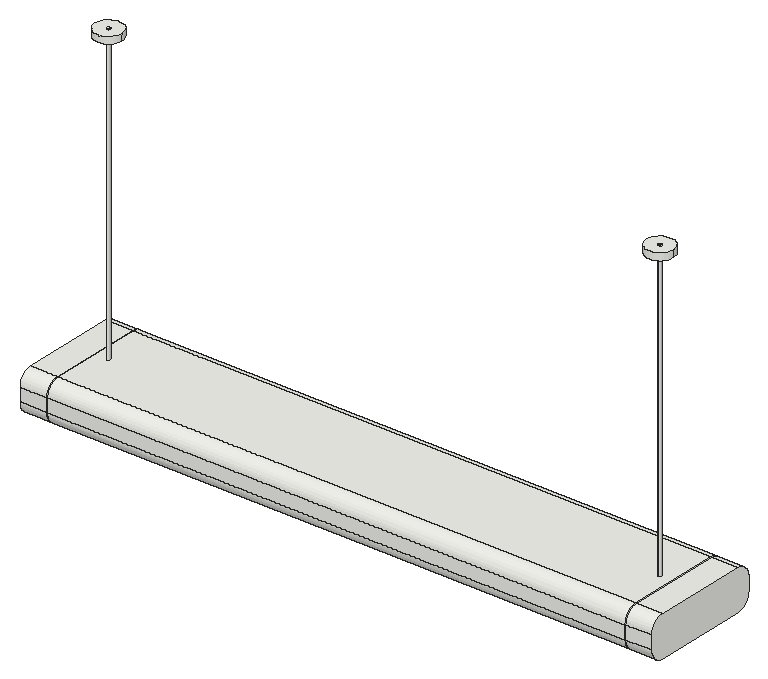
Revit family
Parameters (values of type "1200mm")
  Wattage = 16.1571 W
  built-in parameter 1150110 = 1 (stored number, unit not read)
  built-in parameter 1114217 = 1 (stored number, unit not read)
  built-in parameter 1150109 = 1 (stored number, unit not read)
  built-in parameter 1150134 = 3
  built-in parameter 1150113 = 1 (stored number, unit not read)
  built-in parameter 1150105 = 190.99 (stored number, unit not read)
  built-in parameter 1150115 = 1 (stored number, unit not read)
  Light Source Symbol Size = 609.6 mm
  built-in parameter 1150137 = (empty or 0)
  built-in parameter 1150139 = (empty or 0)
  built-in parameter 1150112 = 1 (stored number, unit not read)
  built-in parameter 1150114 = 1 (stored number, unit not read)
  Keynote = "V"
  Material Ceiling Mount = Metal - Paint Finish - Ivory, Glossy
  Material Diffuser = Glass - White, High Luminance
  Length = 1200 mm
  Material Light Casing = Metal - Paint Finish - Ivory, Glossy
  Light Fixture Height = 1800 mm
  Lumens = 2400 lm
  built-in parameter 1150132 = 2
  built-in parameter 1150102 = (empty or 0)
  built-in parameter 1150107 = 3200 (stored number, unit not read)
  built-in parameter 1150138 = (empty or 0)
  built-in parameter 1150106 = 1.9099 (stored number, unit not read)
  Emit from Line Length = 1047.6 mm
  built-in parameter 1150104 = 13.8 (stored number, unit not read)
  Dimming Lamp Color Temperature Shift = (empty or 0)
  Color Filter = 16777215
  built-in parameter 1114218 = 1 (stored number, unit not read)
  built-in parameter 1150133 = 10 (stored number, unit not read)
Types (3, lengths in mm): name | Length
  (no name) | 1200
  1200mm | 1200
  2400mm | 2400
Reference planes
  plane 1 "Light Source Axis": y = 0
  plane 2 "Ceiling": z = 2438.4
  plane 3 "Light Source Axis": x = 0
  plane 4 "Light Source Elevation": z = 1812.7
  plane 5: x = -600
  plane 6: x = 600
  plane 7: x = -523.8
  plane 8: x = 523.8
  plane 9: x = -523.888
  plane 10: x = 523.8
  plane 11: z = 2425.7
  plane 12: z = 1800
Forms (mm)
  Sweep 1, solid, material "Metal - Paint Finish - Ivory, Glossy" <- "Material Light Casing"
    path origin (0, 0, 1812.7) x (0, -1, 0) y (1, 0, 0)
      loop
        line (0, -549.2) -> (0, 549.2)
    profile origin (0, 0, 1812.7) x (0, 1, 0) y (0, 0, 1)
      loop
        line (88.9, 63.5) -> (-88.9, 63.5)
        arc (-88.9, 63.5) -> (-106.861, 56.061) -> (-114.3, 38.1) r 25.4
        line (-114.3, 38.1) -> (-114.3, 12.7)
        arc (-114.3, 12.7) -> (-106.861, -5.261) -> (-88.9, -12.7) r 25.4
        line (-88.9, -12.7) -> (-63.5, -12.7) -> (-63.5, 12.7) -> (63.5, 12.7) -> (63.5, -12.7) -> (88.9, -12.7)
        arc (88.9, -12.7) -> (106.861, -5.261) -> (114.3, 12.7) r 25.4
        line (114.3, 12.7) -> (114.3, 38.1)
        arc (114.3, 38.1) -> (106.861, 56.061) -> (88.9, 63.5) r 25.4
  Extrusion 2, solid, material "Metal - Paint Finish - Ivory, Glossy" <- "Material Ceiling Mount"
    sketch origin (0, 0, 1812.7) x (0, -1, 0) y (1, 0, 0)
      loop
        circle (0, -523.8) r 3.175
      loop
        circle (0, 523.8) r 3.175
    from 63.5 to 625.7
  Extrusion 3, solid, material "Metal - Paint Finish - Ivory, Glossy" <- "Material Ceiling Mount"
    sketch origin (0, 0, 0) x (1, 0, 0) y (0, 1, 0)
      loop
        circle (-523.888, 0) r 25.4
      loop
        circle (523.8, 0) r 25.4
    from 2425.7 to 2438.4
  Extrusion 4, solid, material "Glass - White, High Luminance" <- "Material Diffuser"
    sketch origin (0, 0, 0) x (1, 0, 0) y (0, 1, 0)
      loop
        line (-549.2, 63.5) -> (-549.2, -63.5) -> (549.2, -63.5) -> (549.2, 63.5) -> (-549.2, 63.5)
    from 1800 to 1812.7
  Extrusion 5, solid, material "Metal - Paint Finish - Ivory, Glossy" <- "Material Light Casing"
    sketch origin (-549.2, 0, 1690.721) x (0, 0, 1) y (0, 1, 0)
      loop
        arc (185.479, 88.9) -> (178.039, 106.861) -> (160.079, 114.3) r 25.4
        line (160.079, 114.3) -> (134.679, 114.3)
        arc (134.679, 114.3) -> (116.718, 106.861) -> (109.279, 88.9) r 25.4
        line (109.279, 88.9) -> (109.279, -88.9)
        arc (109.279, -88.9) -> (116.718, -106.861) -> (134.679, -114.3) r 25.4
        line (134.679, -114.3) -> (160.079, -114.3)
        arc (160.079, -114.3) -> (178.039, -106.861) -> (185.479, -88.9) r 25.4
        line (185.479, -88.9) -> (185.479, 88.9)
    from 0 to 50.8
  Extrusion 6, solid, material "Metal - Paint Finish - Ivory, Glossy" <- "Material Light Casing"
    sketch origin (549.2, 0, 1690.721) x (0, 1, 0) y (0, 0, 1)
      loop
        arc (-88.9, 185.479) -> (-106.861, 178.039) -> (-114.3, 160.079) r 25.4
        line (-114.3, 160.079) -> (-114.3, 134.679)
        arc (-114.3, 134.679) -> (-106.861, 116.718) -> (-88.9, 109.279) r 25.4
        line (-88.9, 109.279) -> (88.9, 109.279)
        arc (88.9, 109.279) -> (106.861, 116.718) -> (114.3, 134.679) r 25.4
        line (114.3, 134.679) -> (114.3, 160.079)
        arc (114.3, 160.079) -> (106.861, 178.039) -> (88.9, 185.479) r 25.4
        line (88.9, 185.479) -> (-88.9, 185.479)
    from 0 to 50.8
Lines and regions (mm)
  sketch lines
    curve 1: line (-1524, 1524, 0) -> (1524, 1524, 0)
    curve 2: line (-1524, 1524, 0) -> (-1524, -1524, 0)
    curve 3: line (-1524, -1524, 0) -> (1524, -1524, 0)
    curve 4: line (1524, 1524, 0) -> (1524, -1524, 0)
  symbolic lines
    curve 5: line (600, 114.3, 2438.4) -> (-600, 114.3, 2438.4)
    curve 6: line (600, -114.3, 2438.4) -> (600, 114.3, 2438.4)
    curve 7: line (-600, -114.3, 2438.4) -> (600, -114.3, 2438.4)
    curve 8: line (-600, 114.3, 2438.4) -> (-600, -114.3, 2438.4)
    curve 9: arc (-498.488, 0, 2438.4) -> (-523.888, 25.4, 2438.4) -> (-549.288, 0, 2438.4) r 25.4
    curve 10: arc (-549.288, 0, 2438.4) -> (-523.888, -25.4, 2438.4) -> (-498.488, 0, 2438.4) r 25.4
    curve 11: arc (498.4, 0, 2438.4) -> (523.8, -25.4, 2438.4) -> (549.2, 0, 2438.4) r 25.4
    curve 12: arc (549.2, 0, 2438.4) -> (523.8, 25.4, 2438.4) -> (498.4, 0, 2438.4) r 25.4
Dimensions and locks
  equal spacing: curve 2, plane 3 "Light Source Axis", curve 4
  equal spacing: curve 3, plane 1 "Light Source Axis", curve 1
  curve 2 to curve 4 = 3048 mm
  curve 3 to curve 1 = 3048 mm
  "Length": plane 5 to plane 6
  equal spacing: plane 5, plane 3 "Light Source Axis", plane 6
  locked: plane 5 to plane 7 at 76.2
  locked: plane 8 to plane 6 at 76.2
  locked: plane 5 to plane 9 at 76.112
  locked: plane 10 to plane 6 at 76.2
  locked: plane 2 "Ceiling" to plane 11 at 12.7
  "Light Fixture Height": level to plane 12
  locked: plane 12 to plane 4 "Light Source Elevation" at 12.7
  aligned and locked: Sweep 1 sketch curve to plane 1 "Light Source Axis"
  aligned and locked: plane 2 "Ceiling" to Extrusion 2
  aligned and locked: Extrusion 2 to Sweep 1
  aligned and locked: plane 2 "Ceiling" to Extrusion 3
  aligned and locked: plane 11 to Extrusion 3
  aligned and locked: Sweep 1 sketch curve to Sweep 1 sketch curve
  aligned and locked: Sweep 1 to Extrusion 4 sketch curve
  aligned and locked: Extrusion 4 sketch curve to Sweep 1  (x3)
  aligned and locked: Extrusion 5 sketch curve to Sweep 1  (x3)
  aligned and locked: plane 5 to Extrusion 5
  aligned and locked: Extrusion 6 sketch curve to Sweep 1  (x3)
  aligned and locked: Extrusion 6 to plane 6
  aligned and locked: Extrusion 4 to plane 4 "Light Source Elevation"
  aligned and locked: Extrusion 4 to Sweep 1
  aligned and locked: plane 12 to Extrusion 6 sketch curve
  aligned and locked: plane 12 to Extrusion 5 sketch curve
  aligned and locked: plane 5 to curve 8
  aligned and locked: curve 9 to Extrusion 3
  aligned and locked: curve 11 to Extrusion 3
  aligned and locked: plane 3 "Light Source Axis" to imposter light
  aligned and locked: plane 1 "Light Source Axis" to imposter light
  aligned and locked: plane 4 "Light Source Elevation" to imposter light
Automatic sketch dimensions
  Sweep 1 sketch curve to plane 5 = 50.8 mm
  plane 6 to Sweep 1 sketch curve = 50.8 mm
  Extrusion 2 sketch curve to plane 8 = 0 mm
  Extrusion 2 sketch curve to plane 7 = 0 mm
  Extrusion 2 sketch curve to plane 1 "Light Source Axis" = 0 mm  (x2)
  Extrusion 2 sketch curve to plane 1 "Light Source Axis" = 3.175 mm  (x2)
  Extrusion 3 sketch curve to plane 1 "Light Source Axis" = 0 mm  (x2)
  Extrusion 3 sketch curve to plane 9 = 0 mm
  Extrusion 3 sketch curve to plane 10 = 0 mm
  Extrusion 3 sketch curve to plane 9 = 25.4 mm
  Extrusion 3 sketch curve to plane 10 = 25.4 mm
  Sweep 1 sketch curve to plane 4 "Light Source Elevation" = 12.7 mm  (x2)
  profile plane to Sweep 1 sketch curve = 114.3 mm
  plane 4 "Light Source Elevation" to Sweep 1 sketch curve = 12.7 mm
  Sweep 1 sketch curve to Sweep 1 sketch curve = 25.4 mm  (x6)
  Sweep 1 sketch curve to profile plane = 63.5 mm
  Extrusion 6 sketch curve to plane 4 "Light Source Elevation" = 12.7 mm
  Extrusion 6 sketch curve to Extrusion 6 sketch curve = 25.4 mm  (x3)
  Extrusion 5 sketch curve to plane 4 "Light Source Elevation" = 12.7 mm  (x2)
  Extrusion 5 sketch curve to Extrusion 5 sketch curve = 25.4 mm  (x2)
  curve 6 to plane 6 = 0 mm
  plane 1 "Light Source Axis" to curve 7 = 114.3 mm
  curve 5 to plane 1 "Light Source Axis" = 114.3 mm
